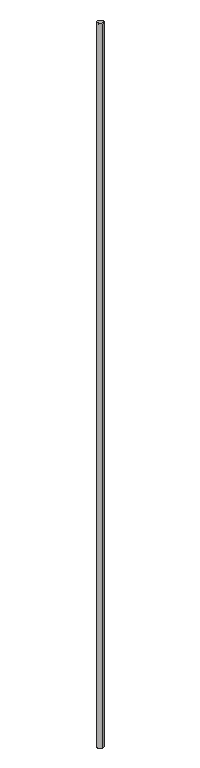
Revit family "NLRS_28_SC_rond", category Structural Columns, Revit 2020
Family settings
  Section Shape = Round Bar
  Material for Model Behavior = Steel
  Always export as geometry = No
  Beam cutback in plan = From geometry
  Code Name = EN 10060:2003
  Cut with Voids When Loaded = No
  Symbolic Representation = From Project Settings
  Shared = No
  Show family pre-cut in plan views = Yes
Parameters (values of type "RB 20")
  Torsional Moment of Inertia = 0 cm⁴
  Torsional Modulus = 0.0 mm³
  Structural Material [instance] = h3_Structural Steel - S235
  Section Name Key = "RB 20"
  Section Area = 314.0 mm²
  Plastic Modulus weak axis = 0.0 mm³
  Plastic Modulus strong axis = 0.0 mm³
  Perimeter = 0.20669 (stored number, unit not read)
  Nominal Weight = 24.222 N/m
  Moment of Inertia weak axis = 0 cm⁴
  Moment of Inertia strong axis = 0 cm⁴
  Elastic Modulus weak axis = 0.0 mm³
  Elastic Modulus strong axis = 0.0 mm³
  Diameter = 20.00 mm
  Centroid Vertical = Diameter / 2  # 10 mm
  Centroid Horizontal = Diameter / 2  # 10 mm
  Assembly Code = "2B(28.10)"
Types (9, lengths in mm): name | Section Name Key | Section Area | Perimeter | Nominal Weight | Diameter | Centroid Vertical | Centroid Horizontal
  RB 20 | "RB 20" | 314.0 mm² | 0.20669 (stored number, unit not read) | 24.222 N/m | 20.00 | 10 | 10
  RB 19 | "RB 19" | 283.39 mm² | 0.19685 (stored number, unit not read) | 21.869 N/m | 19.00 | 9.5 | 9.5
  RB 18 | "RB 18" | 254.34 mm² | 0.18701 (stored number, unit not read) | 19.613 N/m | 18.00 | 9 | 9
  RB 17 | "RB 17" | 226.87 mm² | 0.17388 (stored number, unit not read) | 17.456 N/m | 17.00 | 8.5 | 8.5
  RB 16 | "RB 16" | 200.96 mm² | 0.16404 (stored number, unit not read) | 15.494 N/m | 16.00 | 8 | 8
  RB 15 | "RB 15" | 176.63 mm² | 0.1542 (stored number, unit not read) | 13.631 N/m | 15.00 | 7.5 | 7.5
  RB 14 | "RB 14" | 153.86 mm² | 0.14436 (stored number, unit not read) | 11.866 N/m | 14.00 | 7 | 7
  RB 12 | "RB 12" | 113.04 mm² | 0.12467 (stored number, unit not read) | 8.7083 N/m | 12.00 | 6 | 6
  RB 10 | "RB 10" | 78.5 mm² | 0.10171 (stored number, unit not read) | 6.0507 N/m | 10.00 | 5 | 5
Reference planes
  plane 1 "Center (Front/Back)": y = 0
  plane 2: z = 0
  plane 3 "Center (Left/Right)": x = 0
  plane 4: x = -10
  plane 5: x = 10
  plane 6: y = 10
  plane 7: y = -10
Forms (mm)
  Extrusion 1, solid, material "h3_Structural Steel - S235" <- "Structural Material", detail levels medium+fine
    sketch origin (0, 0, 0) x (1, 0, 0) y (0, 1, 0)
      loop
        circle (0, 0) r 10
    from 0 to 2500
Lines and regions (mm)
  symbolic lines, style "StructuralColumnStickSymbols", detail levels coarse
    curve 1: arc (-10, 0, 0) -> (0, -10, 0) -> (10, 0, 0) r 10
    curve 2: arc (10, 0, 0) -> (0, 10, 0) -> (-10, 0, 0) r 10
Dimensions and locks
  equal spacing: plane 4, plane 3 "Center (Left/Right)", plane 5
  equal spacing: plane 7, plane 1 "Center (Front/Back)", plane 6
  "Diameter": plane 7 to plane 6
  "Diameter": plane 4 to plane 5
  "Diameter": diameter of Extrusion 1 sketch curve
  aligned and locked: level to plane 2
  aligned and locked: plane 3 "Center (Left/Right)" to Extrusion 1 sketch curve
  aligned and locked: plane 1 "Center (Front/Back)" to Extrusion 1 sketch curve
  aligned and locked: level to Extrusion 1
  aligned and locked: Extrusion 1 to plane 2
Automatic sketch dimensions
  plane 1 "Center (Front/Back)" to curve 1 = 0.00 mm  (x2)
  curve 1 to plane 4 = 0.00 mm
  plane 1 "Center (Front/Back)" to curve 2 = 0.00 mm
  curve 2 to plane 3 "Center (Left/Right)" = 0.00 mm
